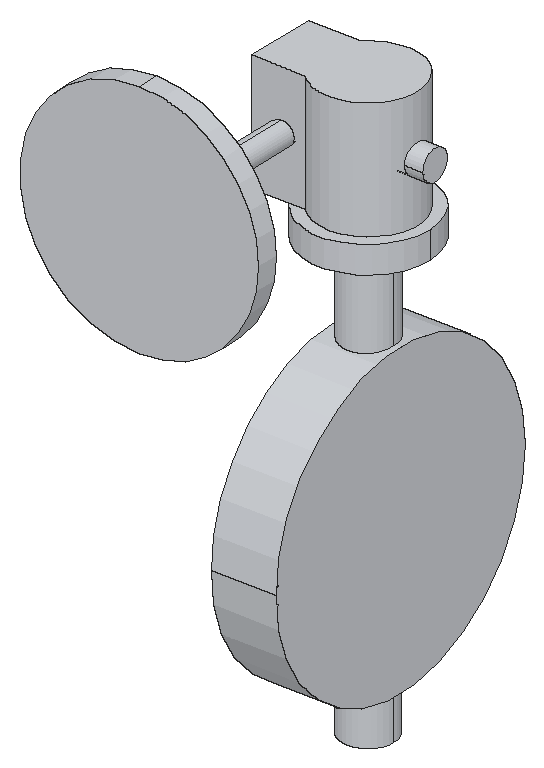
Revit family "HS497-68_disk-nerez_převodové kolo DN250-RFA_2018", category Pipe Accessories, Revit 2018
Family settings
  Round Connector Dimension = Use Diameter
  Part Type = Valve - Breaks Into
  Work Plane-Based = No
  Always vertical = Yes
  Cut with Voids When Loaded = No
  Shared = No
Parameters (values of type "HS 497-68_DN250_PN16_převodové kolo")
  magiProductId = "5ee9016806664ddfaa2632711f295c"
  magiProductFamilyId = "53cea81e6f374d17b8841d9c72ad77"
  magiPartTypeId = 305
  isMeasuringValve [instance] = no
  ang2D [instance] = 0.00°
  X11 = 88.77 mm
  X1 = 36.77 mm
  W2D = 1000 mm
  VersionID = "2.0/2017.9.26.1/ZETKAMA_497_001"
  Use Minimum Symbol Size [instance] = yes
  URL = "http://www.hydronic.cz"
  Type Comments = "mezipřírubová; nerezový disk; PN16; -10~+110°C (krátkodobě +120°C)"
  SW30 = yes
  SW3 = yes
  SW21 = no
  SW20 = no
  SW2 = no
  SW1 = no
  R = 125 mm
  QmdConnectorList = "301;D;302;D"
  Productdata [instance] = ""
  NC = 70 mm
  Manufacturer = "Hydronic Systems Prague s.r.o."
  MM20 = 36.77 mm
  MC Product Code = "126 250 (nerezový disk, s převodovým kolem; DN250; PN16, kvs4555)"
  M41 = 91.5 mm
  M4 = 61 mm
  LHL = 220 mm
  LHH3 = 2.45 mm
  LHH1 = 46.55 mm
  LH1 = 73.333 mm
  L4R__ve = -L4R  # -22.2 mm
  L4R = 22.2 mm
  L42__ve = -L42  # -166.5 mm
  L42 = 166.5 mm
  L41__ve = -L41  # -33.3 mm
  L41 = 33.3 mm
  L2D_Min = 3048 mm
  L2D = 216 mm
  L2 = 34 mm
  L1 = 54.4 mm
  L = 68 mm
  H = 23 mm
  G22 = 11.25 mm
  G2 = 22.5 mm
  G1 = 90 mm
  G = 130 mm
  F = 22 mm
  E44 = 62.5 mm
  E42 = 125 mm
  E4 = 250 mm
  E23 = 4.9 mm
  E22 = 19.6 mm
  E21 = 9.8 mm
  Description = "Mezipřírubová uzavírací klapka s převodovým kolem; nerezový disk, DN250; PN16; kvs4555"
  DR2 = 125 mm
  DR = 324 mm
  DD1 = 31.25 mm
  DD = 25 mm
  D = 250 mm
  CAT0 = yes
  B2__ve = -B2  # -85 mm
  B2 = 85 mm
  A2 = 28.25 mm
  A1 = 129.25 mm
Types (43, lengths in mm): name | magiProductId | X11 | X1 | Type Comments | SW30 | SW3 | SW20 | SW2 | SW1 | R | NC | Manufacturer | MM20 | MC Product Code | M41 | M4 | LHL | LHH3 | LHH1 | LH1 | L4R__ve | L4R | L42__ve | L42 | L41__ve | L41 | L2 | L1 | L | H | G | F | E44 | E42 | E4 | E23 | E22 | E21 | Description | DR2 | DR | DD1 | DD | D | B2__ve | B2 | A2 | A1
  HS 497-68_DN100_PN16_volné vřeteno | "65d1b245f4f142c78569c0602d5754" | 61.456 | 25.456 | "mezipřírubová; nerezový disk; PN16; -10~+110°C (krátkodobě +120°C)" | no | no | no | no | yes | 50 | 50 | "Hydronic Systems Prague s.r.o." | 25.456 | "124 100 (nerezový disk, s volným vřetenem; DN100; PN16, kvs512)" | 66 | 44 | 220 | 2.45 | 46.55 | 73.333 | -12.8 | 12.8 | -96 | 96 | -19.2 | 19.2 | 26 | 41.6 | 52 | 30 | 90 | 11 | 31.25 | 62.5 | 125 | 4.9 | 19.6 | 9.8 | "Mezipřírubová uzavírací klapka s volným vřetenem; nerezový disk, DN100; PN16; kvs512" | 50 | 147 | 15.625 | 12.5 | 100 | -56 | 56 | 16.5 | 98.5
  HS 497-68_DN100_PN16_převodové kolo | "11e91b807e674d428c8e796fcdcfe2" | 61.456 | 25.456 | "mezipřírubová; nerezový disk; PN16; -10~+110°C (krátkodobě +120°C)" | yes | yes | no | no | no | 50 | 50 | "Hydronic Systems Prague s.r.o." | 25.456 | "126 100 (nerezový disk, s převodovým kolem; DN100; PN16, kvs512)" | 65.25 | 43.5 | 220 | 2.45 | 46.55 | 73.333 | -12.8 | 12.8 | -96 | 96 | -19.2 | 19.2 | 26 | 41.6 | 52 | 30 | 90 | 11 | 31.25 | 62.5 | 125 | 4.9 | 19.6 | 9.8 | "Mezipřírubová uzavírací klapka s převodovým kolem; nerezový disk, DN100; PN16; kvs512" | 50 | 147 | 15.625 | 12.5 | 100 | -56 | 56 | 16.5 | 98.5
  HS 497-68_DN100_PN16_s pákou | "28172f0b3f4b47b28323ac71cf8749" | 61.456 | 25.456 | "mezipřírubová; nerezový disk; PN16; -10~+110°C (krátkodobě +120°C)" | no | no | yes | yes | no | 50 | 50 | "Hydronic Systems Prague s.r.o." | 25.456 | "121 100 (nerezový disk, s pákou; DN100; PN16, kvs512)" | 66 | 44 | 260 | 3 | 57 | 86.667 | -12.8 | 12.8 | -96 | 96 | -19.2 | 19.2 | 26 | 41.6 | 52 | 30 | 90 | 11 | 31.25 | 62.5 | 125 | 6 | 24 | 12 | "Mezipřírubová uzavírací klapka s pákou; nerezový disk, DN100; PN16; kvs512" | 50 | 147 | 15.625 | 12.5 | 100 | -56 | 56 | 16.5 | 98.5
  HS 497-68_DN125_PN16_volné vřeteno | "0d813d910fc14f628bb3c2efbd185c" | 61.456 | 25.456 | "mezipřírubová; nerezový disk; PN16; -10~+110°C (krátkodobě +120°C)" | no | no | no | no | yes | 62.5 | 50 | "Hydronic Systems Prague s.r.o." | 25.456 | "124 125 (nerezový disk, s volným vřetenem; DN125; PN16, kvs872)" | 66 | 44 | 220 | 2.45 | 46.55 | 73.333 | -12.8 | 12.8 | -96 | 96 | -19.2 | 19.2 | 28 | 44.8 | 56 | 33 | 90 | 14 | 31.25 | 62.5 | 125 | 4.9 | 19.6 | 9.8 | "Mezipřírubová uzavírací klapka s volným vřetenem; nerezový disk, DN125; PN16; kvs872" | 62.5 | 180 | 15.625 | 12.5 | 125 | -64 | 64 | 18 | 99.5
  HS 497-68_DN125_PN16_převodové kolo | "c56b7c13f372467684996fb1e0e229" | 61.456 | 25.456 | "mezipřírubová; nerezový disk; PN16; -10~+110°C (krátkodobě +120°C)" | yes | yes | no | no | no | 62.5 | 50 | "Hydronic Systems Prague s.r.o." | 25.456 | "126125 (nerezový disk, s převodovým kolem; DN125; PN16, kvs872)" | 65.25 | 43.5 | 220 | 2.45 | 46.55 | 73.333 | -13.5 | 13.5 | -101.25 | 101.25 | -20.25 | 20.25 | 28 | 44.8 | 56 | 33 | 90 | 14 | 40 | 80 | 160 | 4.9 | 19.6 | 9.8 | "Mezipřírubová uzavírací klapka s převodovým kolem; nerezový disk, DN125; PN16; kvs872" | 62.5 | 180 | 20 | 16 | 125 | -64 | 64 | 18 | 99.5
  HS 497-68_DN125_PN16_s pákou | "105993c79a91492399feef7931321a" | 61.456 | 25.456 | "mezipřírubová; nerezový disk; PN16; -10~+110°C (krátkodobě +120°C)" | no | no | yes | yes | no | 62.5 | 50 | "Hydronic Systems Prague s.r.o." | 25.456 | "121 125 (nerezový disk, s pákou; DN125; PN16, kvs872)" | 66 | 44 | 315 | 3.75 | 71.25 | 105 | -12.8 | 12.8 | -96 | 96 | -19.2 | 19.2 | 28 | 44.8 | 56 | 33 | 90 | 14 | 31.25 | 62.5 | 125 | 7.5 | 30 | 15 | "Mezipřírubová uzavírací klapka s pákou; nerezový disk, DN125; PN16; kvs872" | 62.5 | 180 | 15.625 | 12.5 | 125 | -64 | 64 | 18 | 99.5
  HS 497-68_DN150_PN16_volné vřeteno | "50c80cb8ab434f55ab7796e5ac1331" | 61.456 | 25.456 | "mezipřírubová; nerezový disk; PN16; -10~+110°C (krátkodobě +120°C)" | no | no | no | no | yes | 75 | 50 | "Hydronic Systems Prague s.r.o." | 25.456 | "124 150 (nerezový disk, s volným vřetenem; DN150; PN16, kvs1347)" | 66 | 44 | 220 | 2.45 | 46.55 | 73.333 | -12.8 | 12.8 | -96 | 96 | -19.2 | 19.2 | 28 | 44.8 | 56 | 33 | 90 | 14 | 31.25 | 62.5 | 125 | 4.9 | 19.6 | 9.8 | "Mezipřírubová uzavírací klapka s volným vřetenem; nerezový disk, DN150; PN16; kvs1347" | 75 | 206 | 15.625 | 12.5 | 150 | -58 | 58 | 19.3 | 98.7
  HS 497-68_DN150_PN16_převodové kolo | "d94a1a0cf83b476eb10011b327f709" | 61.456 | 25.456 | "mezipřírubová; nerezový disk; PN16; -10~+110°C (krátkodobě +120°C)" | yes | yes | no | no | no | 75 | 50 | "Hydronic Systems Prague s.r.o." | 25.456 | "126 150 (nerezový disk, s převodovým kolem; DN150; PN16, kvs1347)" | 65.25 | 43.5 | 220 | 2.45 | 46.55 | 73.333 | -13.5 | 13.5 | -101.25 | 101.25 | -20.25 | 20.25 | 28 | 44.8 | 56 | 33 | 90 | 14 | 40 | 80 | 160 | 4.9 | 19.6 | 9.8 | "Mezipřírubová uzavírací klapka s převodovým kolem; nerezový disk, DN150; PN16; kvs1347" | 75 | 206 | 20 | 16 | 150 | -58 | 58 | 19.3 | 98.7
  HS 497-68_DN150_PN16_s pákou | "4d2835523fe84828bc50ff0a5a0dfb" | 61.456 | 25.456 | "mezipřírubová; nerezový disk; PN16; -10~+110°C (krátkodobě +120°C)" | no | no | yes | yes | no | 75 | 50 | "Hydronic Systems Prague s.r.o." | 25.456 | "121 150 (nerezový disk, s pákou; DN150; PN16, kvs1347)" | 66 | 44 | 315 | 3.75 | 71.25 | 105 | -12.8 | 12.8 | -96 | 96 | -19.2 | 19.2 | 28 | 44.8 | 56 | 33 | 90 | 14 | 31.25 | 62.5 | 125 | 7.5 | 30 | 15 | "Mezipřírubová uzavírací klapka s pákou; nerezový disk, DN150; PN16; kvs1347" | 75 | 206 | 15.625 | 12.5 | 150 | -58 | 58 | 19.3 | 98.7
  HS 497-68_DN200_PN16_volné vřeteno | "5b29029eaeba47139ee1055a4b9201" | 61.456 | 25.456 | "mezipřírubová; nerezový disk; PN16; -10~+110°C (krátkodobě +120°C)" | no | no | no | no | yes | 100 | 50 | "Hydronic Systems Prague s.r.o." | 25.456 | "124 200 (nerezový disk, s volným vřetenem; DN200; PN16, kvs2675)" | 66 | 44 | 220 | 2.45 | 46.55 | 73.333 | -12.8 | 12.8 | -96 | 96 | -19.2 | 19.2 | 30 | 48 | 60 | 33 | 90 | 17 | 31.25 | 62.5 | 125 | 4.9 | 19.6 | 9.8 | "Mezipřírubová uzavírací klapka s volným vřetenem; nerezový disk, DN200; PN16; kvs2675" | 100 | 257 | 15.625 | 12.5 | 200 | -70 | 70 | 22.5 | 102.5
  HS 497-68_DN200_PN16_převodové kolo | "b2793cc1fcc44cf2a35062cd67c04f" | 61.456 | 25.456 | "mezipřírubová; nerezový disk; PN16; -10~+110°C (krátkodobě +120°C)" | yes | yes | no | no | no | 100 | 57 | "Hydronic Systems Prague s.r.o." | 25.456 | "126 200 (nerezový disk, s převodovým kolem; DN200; PN16, kvs2675)" | 78.75 | 52.5 | 220 | 2.45 | 46.55 | 73.333 | -15.2 | 15.2 | -114 | 114 | -22.8 | 22.8 | 30 | 48 | 60 | 33 | 90 | 17 | 50 | 100 | 200 | 4.9 | 19.6 | 9.8 | "Mezipřírubová uzavírací klapka s převodovým kolem; nerezový disk, DN200; PN16; kvs2675" | 100 | 257 | 25 | 20 | 200 | -70 | 70 | 22.5 | 102.5
  HS 497-68_DN200_PN16_s pákou | "f88d96c7af224537a51e72d7d8fffe" | 61.456 | 25.456 | "mezipřírubová; nerezový disk; PN16; -10~+110°C (krátkodobě +120°C)" | no | no | yes | yes | no | 100 | 50 | "Hydronic Systems Prague s.r.o." | 25.456 | "121 200 (nerezový disk, s pákou; DN200; PN16, kvs2675)" | 66 | 44 | 315 | 3.75 | 71.25 | 105 | -12.8 | 12.8 | -96 | 96 | -19.2 | 19.2 | 30 | 48 | 60 | 33 | 90 | 17 | 31.25 | 62.5 | 125 | 7.5 | 30 | 15 | "Mezipřírubová uzavírací klapka s pákou; nerezový disk, DN200; PN16; kvs2675" | 100 | 257 | 15.625 | 12.5 | 200 | -70 | 70 | 22.5 | 102.5
  HS 497-68_DN250_PN16_volné vřeteno | "b662e8305ca2402b9c510e66e6aa55" | 88.77 | 36.77 | "mezipřírubová; nerezový disk; PN16; -10~+110°C (krátkodobě +120°C)" | no | no | no | no | yes | 125 | 50 | "Hydronic Systems Prague s.r.o." | 36.77 | "124 250 (nerezový disk, s volným vřetenem; DN250; PN16, kvs4555)" | 66 | 44 | 220 | 2.45 | 46.55 | 73.333 | -12.8 | 12.8 | -96 | 96 | -19.2 | 19.2 | 34 | 54.4 | 68 | 23 | 130 | 22 | 31.25 | 62.5 | 125 | 4.9 | 19.6 | 9.8 | "Mezipřírubová uzavírací klapka s volným vřetenem; nerezový disk, DN250; PN16; kvs4555" | 125 | 324 | 15.625 | 12.5 | 250 | -85 | 85 | 28.25 | 129.25
  HS 497-68_DN250_PN16_převodové kolo | "5ee9016806664ddfaa2632711f295c" | 88.77 | 36.77 | "mezipřírubová; nerezový disk; PN16; -10~+110°C (krátkodobě +120°C)" | yes | yes | no | no | no | 125 | 70 | "Hydronic Systems Prague s.r.o." | 36.77 | "126 250 (nerezový disk, s převodovým kolem; DN250; PN16, kvs4555)" | 91.5 | 61 | 220 | 2.45 | 46.55 | 73.333 | -22.2 | 22.2 | -166.5 | 166.5 | -33.3 | 33.3 | 34 | 54.4 | 68 | 23 | 130 | 22 | 62.5 | 125 | 250 | 4.9 | 19.6 | 9.8 | "Mezipřírubová uzavírací klapka s převodovým kolem; nerezový disk, DN250; PN16; kvs4555" | 125 | 324 | 31.25 | 25 | 250 | -85 | 85 | 28.25 | 129.25
  HS 497-68_DN300_PN16_volné vřeteno | "e1886f51ff004380a649519258edf2" | 88.77 | 36.77 | "mezipřírubová; nerezový disk; PN16; -10~+110°C (krátkodobě +120°C)" | no | no | no | no | yes | 150 | 50 | "Hydronic Systems Prague s.r.o." | 36.77 | "124 300 (nerezový disk, s volným vřetenem; DN300; PN16, kvs7037)" | 66 | 44 | 220 | 2.45 | 46.55 | 73.333 | -12.8 | 12.8 | -96 | 96 | -19.2 | 19.2 | 39 | 62.4 | 78 | 23 | 130 | 22 | 31.25 | 62.5 | 125 | 4.9 | 19.6 | 9.8 | "Mezipřírubová uzavírací klapka s volným vřetenem; nerezový disk, DN300; PN16; kvs7037" | 150 | 376 | 15.625 | 12.5 | 300 | -90 | 90 | 30.8 | 127.2
  HS 497-68_DN300_PN16_převodové kolo | "6860f094f77d42088fbebc3c97f755" | 88.77 | 36.77 | "mezipřírubová; nerezový disk; PN16; -10~+110°C (krátkodobě +120°C)" | yes | yes | no | no | no | 150 | 70 | "Hydronic Systems Prague s.r.o." | 36.77 | "126 300 (nerezový disk, s převodovým kolem; DN300; PN16, kvs7037)" | 91.5 | 61 | 220 | 2.45 | 46.55 | 73.333 | -22.2 | 22.2 | -166.5 | 166.5 | -33.3 | 33.3 | 39 | 62.4 | 78 | 23 | 130 | 22 | 62.5 | 125 | 250 | 4.9 | 19.6 | 9.8 | "Mezipřírubová uzavírací klapka s převodovým kolem; nerezový disk, DN300; PN16; kvs7037" | 150 | 376 | 31.25 | 25 | 300 | -90 | 90 | 30.8 | 127.2
  HS 497-68_DN032_PN16_volné vřeteno | "8c5f65de52aa4067a77564107e31b2" | 61.456 | 25.456 | "mezipřírubová; nerezový disk; PN16; -10~+110°C (krátkodobě +120°C)" | no | no | no | no | yes | 16 | 50 | "Hydronic Systems Prague s.r.o." | 25.456 | "124 032 (nerezový disk, s volným vřetenem; DN32; PN16, kvs78)" | 66 | 44 | 220 | 2.45 | 46.55 | 73.333 | -12.8 | 12.8 | -96 | 96 | -19.2 | 19.2 | 16.5 | 26.4 | 33 | 30 | 90 | 11 | 31.25 | 62.5 | 125 | 4.9 | 19.6 | 9.8 | "Mezipřírubová uzavírací klapka s volným vřetenem; nerezový disk, DN32; PN16; kvs78" | 16 | 68 | 15.625 | 12.5 | 32 | -44.2 | 44.2 | 10.25 | 76.25
  HS 497-68_DN032_PN16_převodové kolo | "60aaeffa8b3a4e809ef000e4660060" | 61.456 | 25.456 | "mezipřírubová; nerezový disk; PN16; -10~+110°C (krátkodobě +120°C)" | yes | yes | no | no | no | 16 | 50 | "Hydronic Systems Prague s.r.o." | 25.456 | "126 032 (nerezový disk, s převodovým kolem; DN32; PN16, kvs78)" | 65.25 | 43.5 | 220 | 2.45 | 46.55 | 73.333 | -12.8 | 12.8 | -96 | 96 | -19.2 | 19.2 | 16.5 | 26.4 | 33 | 30 | 90 | 11 | 31.25 | 62.5 | 125 | 4.9 | 19.6 | 9.8 | "Mezipřírubová uzavírací klapka s převodovým kolem; nerezový disk, DN32; PN16; kvs78" | 16 | 68 | 15.625 | 12.5 | 32 | -44.2 | 44.2 | 10.25 | 76.25
  HS 497-68_DN032_PN16_s pákou | "9ad8088d610749a1b871aa2aad8007" | 61.456 | 25.456 | "mezipřírubová; nerezový disk; PN16; -10~+110°C (krátkodobě +120°C)" | no | no | yes | yes | no | 16 | 50 | "Hydronic Systems Prague s.r.o." | 25.456 | "121 032 (nerezový disk, s pákou; DN32; PN16, kvs78)" | 66 | 44 | 220 | 2.45 | 46.55 | 73.333 | -12.8 | 12.8 | -96 | 96 | -19.2 | 19.2 | 16.5 | 26.4 | 33 | 30 | 90 | 11 | 31.25 | 62.5 | 125 | 4.9 | 19.6 | 9.8 | "Mezipřírubová uzavírací klapka s pákou; nerezový disk, DN32; PN16; kvs78" | 16 | 68 | 15.625 | 12.5 | 32 | -44.2 | 44.2 | 10.25 | 76.25
  HS 497-68_DN350_PN10_volné vřeteno | "72a1e05f22944421b7e9596a877137" | 109.255 | 45.255 | "mezipřírubová; nerezový disk; PN10; -10~+110°C (krátkodobě +120°C)" | no | no | no | no | yes | 175 | 50 | "Hydronic Systems Prague s.r.o." | 45.255 | "124 350 (nerezový disk, s volným vřetenem; DN350; PN10, kvs10165)" | 66 | 44 | 220 | 2.45 | 46.55 | 73.333 | -12.8 | 12.8 | -96 | 96 | -19.2 | 19.2 | 39 | 62.4 | 78 | 31 | 160 | 22 | 31.25 | 62.5 | 125 | 4.9 | 19.6 | 9.8 | "Mezipřírubová uzavírací klapka s volným vřetenem; nerezový disk, DN350; PN10; kvs10165" | 175 | 430 | 15.625 | 12.5 | 350 | -88 | 88 | 33.85 | 129.65
  HS 497-68_DN350_PN10_převodové kolo | "a5a01426cb28494ba3afca92f1dace" | 109.255 | 45.255 | "mezipřírubová; nerezový disk; PN10; -10~+110°C (krátkodobě +120°C)" | yes | yes | no | no | no | 175 | 70 | "Hydronic Systems Prague s.r.o." | 45.255 | "126 350 (nerezový disk, s převodovým kolem; DN350; PN10, kvs10165)" | 91.5 | 61 | 220 | 2.45 | 46.55 | 73.333 | -22.2 | 22.2 | -166.5 | 166.5 | -33.3 | 33.3 | 39 | 62.4 | 78 | 31 | 160 | 22 | 62.5 | 125 | 250 | 4.9 | 19.6 | 9.8 | "Mezipřírubová uzavírací klapka s převodovým kolem; nerezový disk, DN350; PN10; kvs10165" | 175 | 430 | 31.25 | 25 | 350 | -88 | 88 | 33.85 | 129.65
  HS 497-68_DN400_PN10_volné vřeteno | "c70ebeb927c04ab99b176e257ad0a7" | 109.255 | 45.255 | "mezipřírubová; nerezový disk; PN10; -10~+110°C (krátkodobě +120°C)" | no | no | no | no | yes | 200 | 50 | "Hydronic Systems Prague s.r.o." | 45.255 | "124 400 (nerezový disk, s volným vřetenem; DN400; PN10, kvs13799)" | 66 | 44 | 220 | 2.45 | 46.55 | 73.333 | -12.8 | 12.8 | -96 | 96 | -19.2 | 19.2 | 51 | 81.6 | 102 | 31 | 160 | 27 | 31.25 | 62.5 | 125 | 4.9 | 19.6 | 9.8 | "Mezipřírubová uzavírací klapka s volným vřetenem; nerezový disk, DN400; PN10; kvs13799" | 200 | 485 | 15.625 | 12.5 | 400 | -108 | 108 | 38 | 142
  HS 497-68_DN400_PN10_převodové kolo | "cc64a4384dcb41b780d81810f4f293" | 109.255 | 45.255 | "mezipřírubová; nerezový disk; PN10; -10~+110°C (krátkodobě +120°C)" | yes | yes | no | no | no | 200 | 72.5 | "Hydronic Systems Prague s.r.o." | 45.255 | "126 400 (nerezový disk, s převodovým kolem; DN400; PN10, kvs13799)" | 103.5 | 69 | 220 | 2.45 | 46.55 | 73.333 | -27.8 | 27.8 | -208.5 | 208.5 | -41.7 | 41.7 | 51 | 81.6 | 102 | 31 | 160 | 27 | 75 | 150 | 300 | 4.9 | 19.6 | 9.8 | "Mezipřírubová uzavírací klapka s převodovým kolem; nerezový disk, DN400; PN10; kvs13799" | 200 | 485 | 37.5 | 30 | 400 | -108 | 108 | 38 | 142
  HS 497-68_DN040_PN16_volné vřeteno | "35f92312390745e88df5b5c325d9ee" | 61.456 | 25.456 | "mezipřírubová; nerezový disk; PN16; -10~+110°C (krátkodobě +120°C)" | no | no | no | no | yes | 20 | 50 | "Hydronic Systems Prague s.r.o." | 25.456 | "124 040 (nerezový disk, s volným vřetenem; DN40; PN16, kvs78)" | 66 | 44 | 220 | 2.45 | 46.55 | 73.333 | -12.8 | 12.8 | -96 | 96 | -19.2 | 19.2 | 16.5 | 26.4 | 33 | 30 | 90 | 11 | 31.25 | 62.5 | 125 | 4.9 | 19.6 | 9.8 | "Mezipřírubová uzavírací klapka s volným vřetenem; nerezový disk, DN40; PN16; kvs78" | 20 | 76 | 15.625 | 12.5 | 40 | -36 | 36 | 11 | 79
  HS 497-68_DN040_PN16_převodové kolo | "d88e968eae3445bc9b7b4e6ff35127" | 61.456 | 25.456 | "mezipřírubová; nerezový disk; PN16; -10~+110°C (krátkodobě +120°C)" | yes | yes | no | no | no | 20 | 50 | "Hydronic Systems Prague s.r.o." | 25.456 | "126 040 (nerezový disk, s převodovým kolem; DN40; PN16, kvs78)" | 65.25 | 43.5 | 220 | 2.45 | 46.55 | 73.333 | -12.8 | 12.8 | -96 | 96 | -19.2 | 19.2 | 16.5 | 26.4 | 33 | 30 | 90 | 11 | 31.25 | 62.5 | 125 | 4.9 | 19.6 | 9.8 | "Mezipřírubová uzavírací klapka s převodovým kolem; nerezový disk, DN40; PN16; kvs78" | 20 | 76 | 15.625 | 12.5 | 40 | -36 | 36 | 11 | 79
  HS 497-68_DN040_PN16_s pákou | "c1b522ca65b4407a98818f232eaacb" | 61.456 | 25.456 | "mezipřírubová; nerezový disk; PN16; -10~+110°C (krátkodobě +120°C)" | no | no | yes | yes | no | 20 | 50 | "Hydronic Systems Prague s.r.o." | 25.456 | "121 040 (nerezový disk, s pákou; DN40; PN16, kvs78)" | 66 | 44 | 220 | 2.45 | 46.55 | 73.333 | -12.8 | 12.8 | -96 | 96 | -19.2 | 19.2 | 16.5 | 26.4 | 33 | 30 | 90 | 11 | 31.25 | 62.5 | 125 | 4.9 | 19.6 | 9.8 | "Mezipřírubová uzavírací klapka s pákou; nerezový disk, DN40; PN16; kvs78" | 20 | 76 | 15.625 | 12.5 | 40 | -36 | 36 | 11 | 79
  HS 497-68_DN450_PN10_volné vřeteno | "a8358bc282f14872b3194e530e590a" | 129.74 | 53.74 | "mezipřírubová; nerezový disk; PN10; -10~+110°C (krátkodobě +120°C)" | no | no | no | no | yes | 225 | 50 | "Hydronic Systems Prague s.r.o." | 53.74 | "124 450 (nerezový disk, s volným vřetenem; DN450; PN10, kvs18514)" | 66 | 44 | 220 | 2.45 | 46.55 | 73.333 | -12.8 | 12.8 | -96 | 96 | -19.2 | 19.2 | 57 | 91.2 | 114 | 38 | 190 | 36 | 31.25 | 62.5 | 125 | 4.9 | 19.6 | 9.8 | "Mezipřírubová uzavírací klapka s volným vřetenem; nerezový, DN450; PN10; kvs18514" | 225 | 536 | 15.625 | 12.5 | 450 | -115 | 115 | 38.05 | 117.45
  HS 497-68_DN450_PN10_převodové kolo | "cdf2d80f54a9414f9cbe50647c0ebd" | 129.74 | 53.74 | "mezipřírubová; nerezový disk; PN10; -10~+110°C (krátkodobě +120°C)" | yes | yes | no | no | no | 225 | 91.5 | "Zetkama" | 53.74 | "126 450 (nerezový disk, s převodovým kolem; DN450; PN10, kvs18514)" | 144.75 | 96.5 | 220 | 2.45 | 46.55 | 73.333 | -32.1 | 32.1 | -240.75 | 240.75 | -48.15 | 48.15 | 57 | 91.2 | 114 | 38 | 190 | 36 | 100 | 200 | 400 | 4.9 | 19.6 | 9.8 | "Mezipřírubová uzavírací klapka s převodovým kolem; nerezový disk, DN450; PN10; kvs18514" | 225 | 536 | 50 | 40 | 450 | -115 | 115 | 38.05 | 117.45
  HS 497-68_DN500_PN10_volné vřeteno | "8c396e27bb2743f98f3c762b6517cd" | 143.397 | 59.397 | "mezipřírubová; nerezový disk; PN10; -10~+110°C (krátkodobě +120°C)" | no | no | no | no | yes | 250 | 50 | "Hydronic Systems Prague s.r.o." | 59.397 | "124 500 (nerezový disk, s volným vřetenem; DN500; PN10, kvs23805)" | 66 | 44 | 220 | 2.45 | 46.55 | 73.333 | -12.8 | 12.8 | -96 | 96 | -19.2 | 19.2 | 63.5 | 101.6 | 127 | 38 | 210 | 36 | 31.25 | 62.5 | 125 | 4.9 | 19.6 | 9.8 | "Mezipřírubová uzavírací klapka s volným vřetenem; nerezový disk, DN500; PN10; kvs23805" | 250 | 593 | 15.625 | 12.5 | 500 | -130 | 130 | 43.25 | 139.25
  HS 497-68_DN500_PN10_převodové kolo | "7647804f32e94cef828a7034a91a46" | 143.397 | 59.397 | "mezipřírubová; nerezový disk; PN10; -10~+110°C (krátkodobě +120°C)" | yes | yes | no | no | no | 250 | 91.5 | "Zetkama" | 59.397 | "126 500 (nerezový disk, s převodovým kolem; DN500; PN10, kvs23805)" | 144.75 | 96.5 | 220 | 2.45 | 46.55 | 73.333 | -32.1 | 32.1 | -240.75 | 240.75 | -48.15 | 48.15 | 63.5 | 101.6 | 127 | 38 | 210 | 36 | 100 | 200 | 400 | 4.9 | 19.6 | 9.8 | "Mezipřírubová uzavírací klapka s převodovým kolem; nerezový disk, DN500; PN10; kvs23805" | 250 | 593 | 50 | 40 | 500 | -130 | 130 | 43.25 | 139.25
  HS 497-68_DN050_volné vřeteno | "d71f296ecd6d4adf8f6e5d9853b4e0" | 61.456 | 25.456 | "mezipřírubová; nerezový disk; PN16; -10~+110°C (krátkodobě +120°C)" | no | no | no | no | yes | 25 | 50 | "Hydronic Systems Prague s.r.o." | 25.456 | "124 050 (nerezový disk, s volným vřetenem; DN50; PN16, kvs98)" | 66 | 44 | 220 | 2.45 | 46.55 | 73.333 | -12.8 | 12.8 | -96 | 96 | -19.2 | 19.2 | 21.5 | 34.4 | 43 | 30 | 90 | 11 | 31.25 | 62.5 | 125 | 4.9 | 19.6 | 9.8 | "Mezipřírubová uzavírací klapka s volným vřetenem; nerezový disk, DN50; PN16; kvs98" | 25 | 100 | 15.625 | 12.5 | 50 | -36.5 | 36.5 | 12 | 83
  HS 497-68_DN050_PN16_převodové kolo | "2fb080deeaed49c58418b94c1da5a4" | 61.456 | 25.456 | "mezipřírubová; nerezový disk; PN16; -10~+110°C (krátkodobě +120°C)" | yes | yes | no | no | no | 25 | 50 | "Hydronic Systems Prague s.r.o." | 25.456 | "126 050 (nerezový disk, s převodovým kolem; DN50; PN16, kvs98)" | 65.25 | 43.5 | 220 | 2.45 | 46.55 | 73.333 | -12.8 | 12.8 | -96 | 96 | -19.2 | 19.2 | 21.5 | 34.4 | 43 | 30 | 90 | 11 | 31.25 | 62.5 | 125 | 4.9 | 19.6 | 9.8 | "Mezipřírubová uzavírací klapka s převodovým kolem; nerezový disk, DN50; PN16; kvs98" | 25 | 100 | 15.625 | 12.5 | 50 | -36.5 | 36.5 | 12 | 83
  HS 497-68_DN050_PN16_s pákou | "dabc632061f94877a994b9b4e68112" | 61.456 | 25.456 | "mezipřírubová; nerezový disk; PN16; -10~+110°C (krátkodobě +120°C)" | no | no | yes | yes | no | 25 | 50 | "Hydronic Systems Prague s.r.o." | 25.456 | "121 050 (nerezový disk, s pákou; DN50; PN16, kvs98)" | 66 | 44 | 220 | 2.45 | 46.55 | 73.333 | -12.8 | 12.8 | -96 | 96 | -19.2 | 19.2 | 21.5 | 34.4 | 43 | 30 | 90 | 11 | 31.25 | 62.5 | 125 | 4.9 | 19.6 | 9.8 | "Mezipřírubová uzavírací klapka s pákou; nerezový disk, DN50; PN16; kvs98" | 25 | 100 | 15.625 | 12.5 | 50 | -36.5 | 36.5 | 12 | 83
  HS 497-68_DN600_PN10_volné vřeteno | "99d5892c14664fce81a7c5903f7711" | 143.397 | 59.397 | "mezipřírubová; nerezový disk; PN10; -10~+110°C (krátkodobě +120°C)" | no | no | no | no | yes | 300 | 50 | "Hydronic Systems Prague s.r.o." | 59.397 | "124 600 (nerezový disk, s volným vřetenem; DN600; PN10, kvs36778)" | 66 | 44 | 220 | 2.45 | 46.55 | 73.333 | -12.8 | 12.8 | -96 | 96 | -19.2 | 19.2 | 77 | 123.2 | 154 | 80 | 210 | 60 | 31.25 | 62.5 | 125 | 4.9 | 19.6 | 9.8 | "Mezipřírubová uzavírací klapka s volným vřetenem; nerezový disk, DN600; PN10; kvs36788" | 300 | 690 | 15.625 | 12.5 | 600 | -140 | 140 | 49.4 | 144.6
  HS 497-68_DN600_PN10_převodové kolo | "b1e26faab48a4c499f6bb11e7e3002" | 143.397 | 59.397 | "mezipřírubová; lnerezový disk; PN10; -10~+110°C (krátkodobě +120°C)" | yes | yes | no | no | no | 300 | 140 | "Hydronic Systems Prague s.r.o." | 59.397 | "126 600 (nerezový disk, s převodovým kolem; DN600; PN10, kvs36778)" | 206.25 | 137.5 | 220 | 2.45 | 46.55 | 73.333 | -40.8 | 40.8 | -306 | 306 | -61.2 | 61.2 | 77 | 123.2 | 154 | 80 | 210 | 60 | 125 | 250 | 500 | 4.9 | 19.6 | 9.8 | "Mezipřírubová uzavírací klapka s převodovým kolem; nerezový disk, DN600; PN10; kvs36788" | 300 | 690 | 62.5 | 50 | 600 | -140 | 140 | 49.4 | 144.6
  HS 497-68_DN065_PN16_volné vřeteno | "5e5e208646e34ec29f889baab5d08e" | 61.456 | 25.456 | "mezipřírubová; lnerezový disk; PN16; -10~+110°C (krátkodobě +120°C)" | no | no | no | no | yes | 32.5 | 50 | "Hydronic Systems Prague s.r.o." | 25.456 | "124 065 (nerezový disk, s volným vřetenem; DN65; PN16, kvs167)" | 66 | 44 | 220 | 2.45 | 46.55 | 73.333 | -12.8 | 12.8 | -96 | 96 | -19.2 | 19.2 | 23 | 36.8 | 46 | 30 | 90 | 11 | 31.25 | 62.5 | 125 | 4.9 | 19.6 | 9.8 | "Mezipřírubová uzavírací klapka s volným vřetenem; nerezový disk, DN65; PN16; kv167" | 32.5 | 108 | 15.625 | 12.5 | 65 | -36.5 | 36.5 | 13.5 | 89
  HS 497-68_DN065_PN16_převodové kolo | "654d74c8d15540b0bfe523d988ccb3" | 61.456 | 25.456 | "mezipřírubová; nerezový disk; PN16; -10~+110°C (krátkodobě +120°C)" | yes | yes | no | no | no | 32.5 | 50 | "Hydronic Systems Prague s.r.o." | 25.456 | "126 065 (nerezový disk, s převodovým kolem; DN65; PN16, kvs167)" | 65.25 | 43.5 | 220 | 2.45 | 46.55 | 73.333 | -12.8 | 12.8 | -96 | 96 | -19.2 | 19.2 | 23 | 36.8 | 46 | 30 | 90 | 11 | 31.25 | 62.5 | 125 | 4.9 | 19.6 | 9.8 | "Mezipřírubová uzavírací klapka s převodovým kolem; nerezový disk, DN65; PN16; kvs167" | 32.5 | 108 | 15.625 | 12.5 | 65 | -36.5 | 36.5 | 13.5 | 89
  HS 497-68_DN065_PN16_s pákou | "ebeb4b59db0641caaf6d6635ab37b9" | 61.456 | 25.456 | "mezipřírubová; nerezový disk; PN16; -10~+110°C (krátkodobě +120°C)" | no | no | yes | yes | no | 32.5 | 50 | "Hydronic Systems Prague s.r.o." | 25.456 | "121 065 (nerezový disk, s pákou; DN65; PN16, kvs167)" | 66 | 44 | 220 | 2.45 | 46.55 | 73.333 | -12.8 | 12.8 | -96 | 96 | -19.2 | 19.2 | 23 | 36.8 | 46 | 30 | 90 | 11 | 31.25 | 62.5 | 125 | 4.9 | 19.6 | 9.8 | "Mezipřírubová uzavírací klapka s pákou; nerezový disk, DN65; PN16; kvs167" | 32.5 | 108 | 15.625 | 12.5 | 65 | -36.5 | 36.5 | 13.5 | 89
  HS 497-68_DN080_PN16_volné vřeteno | "9e85c75c18654e1185a9c48ed6b00e" | 61.456 | 25.456 | "mezipřírubová; nerezový disk; PN16; -10~+110°C (krátkodobě +120°C)" | no | no | no | no | yes | 40 | 50 | "Hydronic Systems Prague s.r.o." | 25.456 | "124 080 (nerezový disk, s volným vřetenem; DN80; PN16, kvs258)" | 66 | 44 | 220 | 2.45 | 46.55 | 73.333 | -12.8 | 12.8 | -96 | 96 | -19.2 | 19.2 | 23 | 36.8 | 46 | 30 | 90 | 11 | 31.25 | 62.5 | 125 | 4.9 | 19.6 | 9.8 | "Mezipřírubová uzavírací klapka s volným vřetenem; nerezový disk, DN80; PN16; kvs258" | 40 | 124 | 15.625 | 12.5 | 80 | -54 | 54 | 14.1 | 86.9
  HS 497-68_DN080_PN16_převodové kolo | "5b3c8238c3d041e68c75b199e7ea46" | 61.456 | 25.456 | "mezipřírubová; nerezový disk; PN16; -10~+110°C (krátkodobě +120°C)" | yes | yes | no | no | no | 40 | 50 | "Hydronic Systems Prague s.r.o." | 25.456 | "126 080 (nerezový disk, s převodovým kolem; DN80; PN16, kvs258)" | 65.25 | 43.5 | 220 | 2.45 | 46.55 | 73.333 | -12.8 | 12.8 | -96 | 96 | -19.2 | 19.2 | 23 | 36.8 | 46 | 30 | 90 | 11 | 31.25 | 62.5 | 125 | 4.9 | 19.6 | 9.8 | "Mezipřírubová uzavírací klapka s převodovým kolem; nerezový disk, DN80; PN16; kvs258" | 40 | 124 | 15.625 | 12.5 | 80 | -54 | 54 | 14.1 | 86.9
  HS 497-68_DN080_PN16_s pákou | "e414795fab0f4eccb99bc3572c5477" | 61.456 | 25.456 | "mezipřírubová; nerezový disk; PN16; -10~+110°C (krátkodobě +120°C)" | no | no | yes | yes | no | 40 | 50 | "Hydronic Systems Prague s.r.o." | 25.456 | "121 080 (nerezový disk, s pákou; DN80; PN16, kvs258)" | 66 | 44 | 260 | 3 | 57 | 86.667 | -12.8 | 12.8 | -96 | 96 | -19.2 | 19.2 | 23 | 36.8 | 46 | 30 | 90 | 11 | 31.25 | 62.5 | 125 | 6 | 24 | 12 | "Mezipřírubová uzavírací klapka s pákou; nerezový disk, DN80; PN16; kvs258" | 40 | 124 | 15.625 | 12.5 | 80 | -54 | 54 | 14.1 | 86.9
  HS 497-68_DN250_PN16_s pákou | "" | 88.77 | 36.77 | "mezipřírubová; nerezový disk; PN16; -10~+110°C (krátkodobě +120°C)" | no | no | yes | yes | no | 125 | 70 | "Hydronic Systems Prague s.r.o." | 36.77 | "121 250 (nerezový disk, s ákou; DN250; PN16, kvs4555)" | 91.5 | 61 | 220 | 2.45 | 46.55 | 73.333 | -22.2 | 22.2 | -166.5 | 166.5 | -33.3 | 33.3 | 34 | 54.4 | 68 | 23 | 130 | 22 | 62.5 | 125 | 250 | 4.9 | 19.6 | 9.8 | "Mezipřírubová uzavírací klapka s pákou; nerezový disk, DN250; PN16; kvs4555" | 125 | 324 | 31.25 | 25 | 250 | -85 | 85 | 28.25 | 129.25
  HS 497-68_DN300_PN16_s pákou | "" | 88.77 | 36.77 | "mezipřírubová; nerezový disk; PN16; -10~+110°C (krátkodobě +120°C)" | no | no | yes | yes | no | 150 | 70 | "Hydronic Systems Prague s.r.o." | 36.77 | "121 300 (nerezový disk, s pákou; DN300; PN16, kvs7037)" | 91.5 | 61 | 220 | 2.45 | 46.55 | 73.333 | -22.2 | 22.2 | -166.5 | 166.5 | -33.3 | 33.3 | 39 | 62.4 | 78 | 23 | 130 | 22 | 62.5 | 125 | 250 | 4.9 | 19.6 | 9.8 | "Mezipřírubová uzavírací klapka s pákou; nerezový disk, DN300; PN16; kvs7037" | 150 | 376 | 31.25 | 25 | 300 | -90 | 90 | 30.8 | 127.2
Reference planes
  plane 1 "Center (Front/Back)": y = 0
  plane 2 "XYPLANE": z = 0
  plane 3 "Center (Left/Right)": x = 0
  plane 4 "473": x = -36.77
  plane 5 "472": x = -91.5
  plane 6 "471": y = -36.77
  plane 7 "470": y = 36.77
  plane 8 "469": x = -61
  plane 9 "468": y = -199.8
  plane 10 "467": y = -166.5
  plane 11 "466": z = 345
  plane 12 "465": z = 329.05
  plane 13 "464": y = 145.417
  plane 14 "463": z = 319.25
  plane 15 "462": z = 302.1
  plane 16 "461": z = 311.9
  plane 17 "460": y = 72.083
  plane 18 "459": x = -11.25
  plane 19 "458": x = 11.25
  plane 20 "457": y = -6.25
  plane 21 "456": x = -17.5
  plane 22 "455": x = 17.5
  plane 23 "454": z = 316.8
  plane 24 "453": y = 62.083
  plane 25 "452": y = -11.25
  plane 26 "451": x = -22.5
  plane 27 "450": x = 22.5
  plane 28 "449": z = 297.2
  plane 29 "448": z = 292.3
  plane 30 "447": z = -125
  plane 31 "446": z = 282.5
  plane 32 "445": z = 254.25
  plane 33 "444": z = 125
  plane 34 "443": x = 34
  plane 35 "442": x = -34
  plane 36 "441": z = 0
  plane 37 "440": y = 0
  plane 38 "439": x = 0
  plane 39 "438": z = 331.5
  plane 40 "437": z = 316.8
  plane 41 "436": x = 13.7
  plane 42 "435": x = -13.7
  plane 43 "434": y = 220
Forms (mm)
  Extrusion 1, solid, visible <- "SW3"
    sketch origin (-750, 0, 282.5) x (1, 0, 0) y (0, 1, 0)
      loop
        line (658.5, 36.77) -> (658.5, -36.77) -> (713.23, -36.77)
        arc (713.23, -36.77) -> (802, 0) -> (713.23, 36.77) r 52
        line (713.23, 36.77) -> (658.5, 36.77)
    from 0 to 125 <- "E42"
  Extrusion 2, solid, visible <- "SW30"
    sketch origin (0, -750, 0) x (0, 1, 0) y (0, 0, 1)
      loop
        circle (750, 345) r 15.625
    from 0 to 70 <- "NC"
  Extrusion 3, solid, visible <- "SW30"
    sketch origin (750, -199.8, 0) x (-1, 0, 0) y (0, 0, 1)
      loop
        circle (811, 345) r 125
    from 0 to -22.2 <- "L4R__ve"
  Extrusion 4, solid, visible <- "SW3"
    sketch origin (750, -166.5, 0) x (-1, 0, 0) y (0, 0, 1)
      loop
        circle (811, 345) r 15.625
    from 0 to -33.3 <- "L41__ve"
  Extrusion 5, solid, visible <- "SW30"
    sketch origin (750, 0, 0) x (-1, 0, 0) y (0, 0, 1)
      loop
        circle (811, 345) r 12.5
    from 0 to -166.5 <- "L42__ve"
  Blend 6, solid, visible <- "SW21"
    base sketch origin (750, 72.083, 0) x (-1, 0, 0) y (0, 0, 1)
      loop
        line (761.25, 311.9) -> (738.75, 311.9) -> (738.75, 302.1) -> (761.25, 302.1) -> (761.25, 311.9)
    top sketch origin (750, 72.083, 0) x (-1, 0, 0) y (0, 0, 1)
      loop
        line (761.25, 329.05) -> (738.75, 329.05) -> (738.75, 319.25) -> (761.25, 319.25) -> (761.25, 329.05)
    from 0 to 73.333
  Blend 7, solid, visible <- "SW21"
    base sketch origin (750, 62.083, 0) x (-1, 0, 0) y (0, 0, 1)
      loop
        line (761.25, 316.8) -> (738.75, 316.8) -> (738.75, 297.2) -> (761.25, 297.2) -> (761.25, 316.8)
    top sketch origin (750, 62.083, 0) x (-1, 0, 0) y (0, 0, 1)
      loop
        line (761.25, 311.9) -> (738.75, 311.9) -> (738.75, 302.1) -> (761.25, 302.1) -> (761.25, 311.9)
    from 0 to 10
  Blend 8, solid, visible <- "SW21"
    base sketch origin (-750, 0, 297.2) x (1, 0, 0) y (0, 1, 0)
      loop
        line (772.5, 62.083) -> (727.5, 62.083) -> (727.5, -11.25)
        arc (727.5, -11.25) -> (750, -31.25) -> (772.5, -11.25) r 22.656
        line (772.5, -11.25) -> (772.5, 62.083)
    top sketch origin (-750, 0, 297.2) x (1, 0, 0) y (0, 1, 0)
      loop
        line (767.5, 62.083) -> (732.5, 62.083) -> (732.5, -6.25)
        arc (732.5, -6.25) -> (750, -26.25) -> (767.5, -6.25) r 17.656
        line (767.5, -6.25) -> (767.5, 62.083)
    from 0 to 19.6
  Extrusion 9, solid, visible <- "SW2"
    sketch origin (-750, 0, 292.3) x (1, 0, 0) y (0, 1, 0)
      loop
        circle (750, 0) r 11.25
    from 0 to 4.9 <- "E23"
  Extrusion 10, solid, visible <- "SW2"
    sketch origin (-750, 0, 282.5) x (1, 0, 0) y (0, 1, 0)
      loop
        circle (750, 0) r 45
    from 0 to 9.8 <- "E21"
  Extrusion 11, solid, visible <- "CAT0"
    sketch origin (-750, 0, -125) x (1, 0, 0) y (0, 1, 0)
      loop
        circle (750, 0) r 27.2
    from 0 to -85 <- "B2__ve"
  Extrusion 12, solid, visible <- "CAT0"
    sketch origin (-750, 0, 254.25) x (1, 0, 0) y (0, 1, 0)
      loop
        circle (750, 0) r 65
    from 0 to 28.25 <- "A2"
  Extrusion 13, solid, visible <- "CAT0"
    sketch origin (-750, 0, 125) x (1, 0, 0) y (0, 1, 0)
      loop
        circle (750, 0) r 27.2
    from 0 to 129.25 <- "A1"
  Extrusion 14, solid, visible <- "CAT0"
    sketch origin (-34, -750, 0) x (0, 1, 0) y (0, 0, 1)
      loop
        circle (750, 0) r 162
    from 0 to 68 <- "L"
  Extrusion 15, solid, visible <- "SW1"
    sketch origin (-750, 0, 282.5) x (1, 0, 0) y (0, 1, 0)
      loop
        line (761, 11) -> (739, 11) -> (739, -11) -> (761, -11) -> (761, 11)
    from 0 to 23 <- "H"
  Blend 16, solid, visible <- "SW2"
    base sketch origin (750, 145.417, 0) x (-1, 0, 0) y (0, 0, 1)
      loop
        arc (763.7, 326.5) -> (762.236, 330.036) -> (758.7, 331.5) r 5
        line (758.7, 331.5) -> (741.3, 331.5)
        arc (741.3, 331.5) -> (737.764, 330.036) -> (736.3, 326.5) r 5
        line (736.3, 326.5) -> (736.3, 321.8)
        arc (736.3, 321.8) -> (737.764, 318.264) -> (741.3, 316.8) r 5
        line (741.3, 316.8) -> (758.7, 316.8)
        arc (758.7, 316.8) -> (762.236, 318.264) -> (763.7, 321.8) r 5
        line (763.7, 321.8) -> (763.7, 326.5)
    top sketch origin (750, 145.417, 0) x (-1, 0, 0) y (0, 0, 1)
      loop
        arc (763.7, 326.5) -> (762.236, 330.036) -> (758.7, 331.5) r 5
        line (758.7, 331.5) -> (741.3, 331.5)
        arc (741.3, 331.5) -> (737.764, 330.036) -> (736.3, 326.5) r 5
        line (736.3, 326.5) -> (736.3, 321.8)
        arc (736.3, 321.8) -> (737.764, 318.264) -> (741.3, 316.8) r 5
        line (741.3, 316.8) -> (758.7, 316.8)
        arc (758.7, 316.8) -> (762.236, 318.264) -> (763.7, 321.8) r 5
        line (763.7, 321.8) -> (763.7, 326.5)
    from 0 to 74.583
  Blend 17, solid, visible <- "SW20"
    base sketch origin (750, 145.417, 0) x (-1, 0, 0) y (0, 0, 1)
      loop
        line (763.7, 331.5) -> (736.3, 331.5) -> (736.3, 316.8) -> (763.7, 316.8) -> (763.7, 331.5)
    top sketch origin (750, 145.417, 0) x (-1, 0, 0) y (0, 0, 1)
      loop
        line (761.25, 316.8) -> (738.75, 316.8) -> (738.75, 297.2) -> (761.25, 297.2) -> (761.25, 316.8)
    from 0 to -83.333
  Extrusion 18, solid, visible <- "SW20"
    sketch origin (-750, 0, 297.2) x (1, 0, 0) y (0, 1, 0)
      loop
        line (772.5, 62.083) -> (727.5, 62.083) -> (727.5, -11.25)
        arc (727.5, -11.25) -> (750, -31.25) -> (772.5, -11.25) r 22.656
        line (772.5, -11.25) -> (772.5, 62.083)
    from 0 to 19.6 <- "E22"
  Extrusion 19, solid, not visible
    sketch origin (-34, -750, 0) x (0, 1, 0) y (0, 0, 1)
      loop
        circle (750, 0) r 10
    from 0 to 10
  Extrusion 20, solid, not visible
    sketch origin (34, -750, 0) x (0, 1, 0) y (0, 0, 1)
      loop
        circle (750, 0) r 10
    from 0 to -10
Lines and regions (mm)
  reference lines, not visible
    curve 1: circle (2, 2, 0) r 1 normal (0, 0, 1)
  reference lines
    curve 2: line (-36.77, -36.77, 282.5) -> (-36.77, 36.77, 282.5)
    curve 3: line (-17.5, -6.25, 297.2) -> (17.5, -6.25, 297.2)
    curve 4: line (-22.5, -11.25, 297.2) -> (22.5, -11.25, 297.2)
    curve 5: circle (0, 0, 282.5) r 1 normal (0, 0, 1)
    curve 6: line (-22.5, -11.25, 297.2) -> (22.5, -11.25, 297.2)
Dimensions and locks
  plane 1 "Center (Front/Back)" to curve 1 = 2 mm
  "X1": plane 3 "Center (Left/Right)" to plane 4 "473"
  "M41": plane 3 "Center (Left/Right)" to plane 5 "472"
  "MM20": plane 1 "Center (Front/Back)" to plane 6 "471"
  "MM20": plane 1 "Center (Front/Back)" to plane 7 "470"
  "M4": plane 3 "Center (Left/Right)" to plane 8 "469"
  "L41": plane 10 "467" to plane 9 "468"
  "L42": plane 1 "Center (Front/Back)" to plane 10 "467"
  "E44": plane 31 "446" to plane 11 "466"
  "LHH1": plane 31 "446" to plane 12 "465"
  "LH1": plane 17 "460" to plane 13 "464"
  "E21": plane 12 "465" to plane 14 "463"
  "E21": plane 16 "461" to plane 15 "462"
  "E23": plane 23 "454" to plane 16 "461"
  locked: plane 24 "453" to plane 17 "460" at 10
  "G22": plane 3 "Center (Left/Right)" to plane 18 "459"
  "G22": plane 3 "Center (Left/Right)" to plane 19 "458"
  locked: plane 25 "452" to plane 20 "457" at 5
  locked: plane 26 "451" to plane 21 "456" at 5
  locked: plane 27 "450" to plane 22 "455" at 5
  "E22": plane 28 "449" to plane 23 "454"
  "LH1": plane 25 "452" to plane 24 "453"
  "G22": plane 1 "Center (Front/Back)" to plane 25 "452"
  "G2": plane 3 "Center (Left/Right)" to plane 26 "451"
  "G2": plane 3 "Center (Left/Right)" to plane 27 "450"
  "E23": plane 29 "448" to plane 28 "449"
  "E21": plane 31 "446" to plane 29 "448"
  "R": plane 2 "XYPLANE" to plane 30 "447"
  "A2": plane 32 "445" to plane 31 "446"
  "A1": plane 33 "444" to plane 32 "445"
  "DR2": plane 2 "XYPLANE" to plane 33 "444"
  "L2": plane 3 "Center (Left/Right)" to plane 34 "443"
  "L2": plane 3 "Center (Left/Right)" to plane 35 "442"
  locked: plane 2 "XYPLANE" to plane 36 "441"
  locked: plane 1 "Center (Front/Back)" to plane 37 "440"
  locked: plane 3 "Center (Left/Right)" to plane 38 "439"
  "LHH3": plane 12 "465" to plane 39 "438"
  "LHH3": plane 14 "463" to plane 40 "437"
  "LHH3": plane 19 "458" to plane 41 "436"
  "LHH3": plane 18 "459" to plane 42 "435"
  "LHL": plane 1 "Center (Front/Back)" to plane 43 "434"
  "X11": curve 2 to Extrusion 1 sketch curve
  Extrusion 1 sketch curve to Extrusion 1 sketch curve = 0 mm  (x8)
  Blend 6 sketch curve to Blend 6 sketch curve = 0 mm  (x16)
  Blend 7 sketch curve to Blend 7 sketch curve = 0 mm  (x16)
  Blend 8 sketch curve to Blend 8 sketch curve = 0 mm  (x16)
  equal spacing: Extrusion 15 sketch curve, curve 5, Extrusion 15 sketch curve  (x2)
  "F": Extrusion 15 sketch curve to Extrusion 15 sketch curve  (x2)
  Blend 16 sketch curve to Blend 16 sketch curve = 0 mm  (x32)
  Blend 17 sketch curve to Blend 17 sketch curve = 0 mm  (x16)
  Extrusion 18 sketch curve to Extrusion 18 sketch curve = 0 mm  (x8)
  "DD1": diameter of Extrusion 2 sketch curve
  "E4": diameter of Extrusion 3 sketch curve
  "DD1": diameter of Extrusion 4 sketch curve
  "DD": diameter of Extrusion 5 sketch curve
  "G2": diameter of Extrusion 9 sketch curve
  "G1": diameter of Extrusion 10 sketch curve
  "L1": diameter of Extrusion 11 sketch curve
  "G": diameter of Extrusion 12 sketch curve
  "L1": diameter of Extrusion 13 sketch curve
  "DR": diameter of Extrusion 14 sketch curve
  radius of Blend 16 sketch curve = 5 mm  (x8)
  aligned and locked: level to plane 2 "XYPLANE"
  aligned and locked: Extrusion 1 sketch curve to plane 5 "472"
  aligned and locked: plane 7 "470" to Extrusion 1 sketch curve
  aligned and locked: plane 6 "471" to Extrusion 1 sketch curve
  aligned and locked: plane 5 "472" to Extrusion 1 sketch curve
  aligned and locked: plane 4 "473" to Extrusion 1 sketch curve  (x2)
  aligned and locked: plane 4 "473" to curve 2
  aligned and locked: plane 6 "471" to curve 2
  aligned and locked: plane 7 "470" to curve 2
  aligned and locked: Extrusion 1 sketch curve to plane 7 "470"
  aligned and locked: plane 11 "466" to Extrusion 2 sketch curve
  aligned and locked: plane 37 "440" to Extrusion 2 sketch curve
  aligned and locked: plane 8 "469" to Extrusion 3 sketch curve
  aligned and locked: plane 11 "466" to Extrusion 3 sketch curve
  aligned and locked: plane 8 "469" to Extrusion 4 sketch curve
  aligned and locked: plane 11 "466" to Extrusion 4 sketch curve
  aligned and locked: plane 8 "469" to Extrusion 5 sketch curve
  aligned and locked: plane 11 "466" to Extrusion 5 sketch curve
  aligned and locked: plane 12 "465" to Blend 6 sketch curve  (x2)
  aligned and locked: plane 18 "459" to Blend 6 sketch curve  (x4)
  aligned and locked: plane 19 "458" to Blend 6 sketch curve  (x4)
  aligned and locked: plane 14 "463" to Blend 6 sketch curve  (x2)
  aligned and locked: plane 16 "461" to Blend 6 sketch curve  (x2)
  aligned and locked: plane 15 "462" to Blend 6 sketch curve  (x2)
  aligned and locked: plane 13 "464" to Blend 6
  aligned and locked: plane 16 "461" to Blend 7 sketch curve  (x2)
  aligned and locked: plane 18 "459" to Blend 7 sketch curve  (x4)
  aligned and locked: plane 19 "458" to Blend 7 sketch curve  (x4)
  aligned and locked: plane 15 "462" to Blend 7 sketch curve  (x2)
  aligned and locked: plane 23 "454" to Blend 7 sketch curve  (x2)
  aligned and locked: plane 28 "449" to Blend 7 sketch curve  (x2)
  aligned and locked: plane 17 "460" to Blend 7
  aligned and locked: plane 24 "453" to Blend 8 sketch curve  (x4)
  aligned and locked: plane 22 "455" to Blend 8 sketch curve  (x2)
  aligned and locked: plane 21 "456" to Blend 8 sketch curve
  aligned and locked: plane 20 "457" to Blend 8 sketch curve  (x2)
  aligned and locked: curve 3 to plane 20 "457"
  aligned and locked: plane 21 "456" to curve 3
  aligned and locked: plane 22 "455" to curve 3
  aligned and locked: plane 27 "450" to Blend 8 sketch curve  (x2)
  aligned and locked: plane 26 "451" to Blend 8 sketch curve
  aligned and locked: plane 25 "452" to Blend 8 sketch curve  (x2)
  aligned and locked: curve 4 to plane 25 "452"
  aligned and locked: plane 26 "451" to curve 4
  aligned and locked: plane 27 "450" to curve 4
  aligned and locked: plane 23 "454" to Blend 8
  aligned and locked: plane 37 "440" to Extrusion 9 sketch curve
  aligned and locked: plane 38 "439" to Extrusion 9 sketch curve
  aligned and locked: plane 37 "440" to Extrusion 10 sketch curve
  aligned and locked: plane 38 "439" to Extrusion 10 sketch curve
  aligned and locked: plane 37 "440" to Extrusion 11 sketch curve
  aligned and locked: plane 38 "439" to Extrusion 11 sketch curve
  aligned and locked: plane 37 "440" to Extrusion 12 sketch curve
  aligned and locked: plane 38 "439" to Extrusion 12 sketch curve
  aligned and locked: plane 37 "440" to Extrusion 13 sketch curve
  aligned and locked: plane 38 "439" to Extrusion 13 sketch curve
  aligned and locked: plane 36 "441" to Extrusion 14 sketch curve
  aligned and locked: Extrusion 14 sketch curve to plane 37 "440"
  aligned and locked: plane 37 "440" to curve 5
  aligned and locked: plane 38 "439" to curve 5
  aligned and locked: plane 39 "438" to Blend 16 sketch curve  (x2)
  aligned and locked: plane 41 "436" to Blend 16 sketch curve  (x2)
  aligned and locked: Blend 16 sketch curve to plane 40 "437"  (x2)
  aligned and locked: Blend 16 sketch curve to plane 42 "435"  (x2)
  aligned and locked: plane 43 "434" to Blend 16
  aligned and locked: plane 23 "454" to Blend 17 sketch curve  (x2)
  aligned and locked: plane 18 "459" to Blend 17 sketch curve  (x2)
  aligned and locked: plane 19 "458" to Blend 17 sketch curve  (x2)
  aligned and locked: plane 28 "449" to Blend 17 sketch curve  (x2)
  aligned and locked: plane 39 "438" to Blend 17 sketch curve  (x2)
  aligned and locked: plane 42 "435" to Blend 17 sketch curve  (x2)
  aligned and locked: plane 41 "436" to Blend 17 sketch curve  (x2)
  aligned and locked: plane 40 "437" to Blend 17 sketch curve  (x2)
  aligned and locked: Blend 17 to plane 24 "453"
  aligned and locked: plane 24 "453" to Extrusion 18 sketch curve  (x2)
  aligned and locked: plane 27 "450" to Extrusion 18 sketch curve  (x2)
  aligned and locked: plane 26 "451" to Extrusion 18 sketch curve
  aligned and locked: plane 25 "452" to Extrusion 18 sketch curve  (x2)
  aligned and locked: curve 6 to plane 25 "452"
  aligned and locked: plane 26 "451" to curve 6
  aligned and locked: plane 27 "450" to curve 6
  aligned and locked: plane 36 "441" to Extrusion 19 sketch curve
  aligned and locked: Extrusion 19 sketch curve to plane 37 "440"
  aligned and locked: plane 36 "441" to Extrusion 20 sketch curve
  aligned and locked: Extrusion 20 sketch curve to plane 37 "440"
Automatic sketch dimensions
  Blend 8 sketch curve to plane 20 "457" = 2.344 mm  (x2)
  Extrusion 18 sketch curve to plane 20 "457" = 2.344 mm
  plane 25 "452" to Extrusion 19 sketch curve = 1.25 mm
  plane 25 "452" to Extrusion 20 sketch curve = 1.25 mm
  plane 3 "Center (Left/Right)" to curve 1 = 2 mm
  Extrusion 15 sketch curve to plane 3 "Center (Left/Right)" = 11 mm
  Extrusion 15 sketch curve to plane 20 "457" = 4.75 mm
  radius of curve 5 = 1 mm
  radius of curve 1 = 1 mm
Connectors
  piping at (-34, 0, 0), diameter 250, driven by "D"
    settings: on Extrusion 19, index 1, connector inside diameter 609.6 mm, connector length 0 mm, flow factor 0, pipe flow 0.0 L/s, pressure drop 0.0 Pa, fitting loss kfactor 0, connector angle 0.00°, fixture units 0, engagement length 0 mm, angle of deflection 0.00°, flow configuration 0, flow direction 0, fitting loss method 0, system type 29, joint type 0, gender type 0, connector reference index 2, connector utility 0, adjustable connector no, is connector primary yes, connector description ""
  piping at (34, 0, 0), diameter 250, driven by "D"
    settings: on Extrusion 20, index 2, connector inside diameter 609.6 mm, connector length 0 mm, flow factor 0, pipe flow 0.0 L/s, pressure drop 0.0 Pa, fitting loss kfactor 0, connector angle 0.00°, fixture units 0, engagement length 0 mm, angle of deflection 0.00°, flow configuration 0, flow direction 0, fitting loss method 0, system type 29, joint type 0, gender type 0, connector reference index 1, connector utility 0, adjustable connector no, is connector primary no, connector description ""
